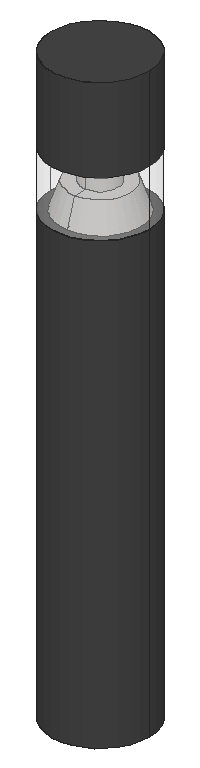
Revit family "FN1", category Lighting Fixtures, host Face, Revit 2021
Family settings
  Host = Face
  Round Connector Dimension = Use Diameter
  Part Type = Normal
  OmniClass Number = 23.80.70.14.14
  OmniClass Title = Exterior Floodlights
  Cut with Voids When Loaded = No
  Light Source = Yes
  Shared = Yes
  Room Calculation Point = No
Parameters (values of type "FN2")
  Width 1 = 5.000"
  Width = 11.630"
  Watts = 25 W
  Wattage Comments = "25W"
  Wattage = 25 W
  Warranty = "5 years Warranty"  # constant formula
  built-in parameter 1150110 = 1 (stored number, unit not read)
  Voltage = 120 V
  URL = "https://www.currentlighting.com/securitylighting"
  built-in parameter 1114217 = 1 (stored number, unit not read)
  Tilt Angle = 60.00°
  built-in parameter 1150109 = 1 (stored number, unit not read)
  built-in parameter 1150134 = 3
  built-in parameter 1150113 = 1 (stored number, unit not read)
  Source = Steel_Galvanized
  Reflector Finish = White Glass
  Product Page URL = ""
  Product Doucmentation Link = ""
  Power Factor = 1
  Photometric Web File = "FN2-12LU-4K-XX.ies"
  Model = "FN2"
  Manufacturer = "Securitylighting"  # constant formula
  built-in parameter 1150105 = 295.51 (stored number, unit not read)
  Lumens = 3713.55 lm
  built-in parameter 1150115 = 1 (stored number, unit not read)
  Load Classification = Lighting
  built-in parameter 1150137 = (empty or 0)
  built-in parameter 1150139 = (empty or 0)
  Length = 48.000"
  built-in parameter 1150112 = 1 (stored number, unit not read)
  built-in parameter 1150114 = 1 (stored number, unit not read)
  Lamp = "LED"  # constant formula
  built-in parameter 1150132 = (empty or 0)
  built-in parameter 1150102 = (empty or 0)
  built-in parameter 1150107 = 3200 (stored number, unit not read)
  built-in parameter 1150138 = (empty or 0)
  built-in parameter 1150106 = 2.9551 (stored number, unit not read)
  Housing Material = Paint - Carbon Black
  Features = "30w and 46w energy-efficient LED systems\r\nExtruded aluminum square or round housing, with tamper resistant hardware. Flat top, or optional dome top for round FN2. Single screw access for top relamping.\r\nSealed one-piece, clear acrylic lens\r\nSpecular, anodized aluminum optical systems"  # constant formula
  FN2 = yes
  FN1 = no
  built-in parameter 1150104 = 13.8 (stored number, unit not read)
  Dimming Lamp Color Temperature Shift = <None>
  Description = "Fresno Bollards"  # constant formula
  Default Elevation = 48.000"
  Copyright = "Securitylighting"  # constant formula
  Contact = ""
  Connector Description = "Lighting Connector"  # constant formula
  Color Filter = 16777215
  built-in parameter 1114216 [instance] = (empty or 0)
  Certifications = "UL,CSA,Wet Listed"  # constant formula
  built-in parameter 1114218 = 1 (stored number, unit not read)
  built-in parameter 1150133 = 10 (stored number, unit not read)
  Assembly Code = "D5020200"
  Apparent Load = Watts / Power Factor  # 25 VA
Types (2): name | Photometric Web File | Model | FN2 | FN1
  FN2 | "FN2-12LU-4K-XX.ies" | "FN2" | yes | no
  FN1 | "FN1-12LU-3K-XX (1).ies" | "FN1" | no | yes
Reference planes (in)
  plane 1 "Center (Front/Back)": y = 0
  plane 2: z = 0
  plane 3 "Center (Left/Right)": x = 0
  plane 4: z = 9.34
  plane 5: x = 3.375
  plane 6: x = -3.375
  plane 7: y = -3.375
  plane 8: y = 3.375
Forms (in)
  Extrusion 1, solid, material "Paint - Carbon Black" <- "Housing Material", not visible
    sketch origin (5.5, 0, 0) x (1, 0, 0) y (0, 0, -1)
      loop
        line (-22.47056, -3.79487) -> (-22.47056, 0) -> (-23.47056, 0) -> (-23.47056, -3.79487) -> (-22.47056, -3.79487)
    from 2.03263 to 2.15664
  Extrusion 2, solid, material "Paint - Carbon Black" <- "Housing Material", not visible
    sketch origin (5.5, 0, 0) x (0, -1, 0) y (0, 0, -1)
      loop
        line (2.03263, -0.0089) -> (2.03263, -0.1089) -> (6.53263, -0.1089) -> (6.53263, -0.0089) -> (2.03263, -0.0089)
    from 16.97056 to 17.97056
  Extrusion 3, solid, not visible
    sketch origin (-17, 0, 0) x (0, 1, 0) y (0, 0, 1)
      loop
        line (-2.03263, 3.74239) -> (-2.13263, 3.74239) -> (-2.13263, 0.2678)
        arc (-2.13263, 0.2678) -> (-2.18177, 0.14915) -> (-2.30043, 0.1) r 0.1678
        line (-2.30043, 0.1) -> (-6.03263, 0.1) -> (-6.03263, 0) -> (-2.17041, 0)
        arc (-2.17041, 0) -> (-2.07298, 0.04035) -> (-2.03263, 0.13778) r 0.13778
        line (-2.03263, 0.13778) -> (-2.03263, 3.74239)
    from 16.91201 to 18
  Extrusion 4, solid, material "Paint - Carbon Black" <- "Housing Material", visible <- "FN1"
    sketch origin (0, 0, 0) x (1, 0, 0) y (0, 1, 0)
      loop
        line (-3.375, 3.375) -> (-3.375, -3.38574) -> (3.375, -3.38574) -> (3.375, 3.375) -> (-3.375, 3.375)
    from 0 to 32
  Extrusion 5, solid, material "White Glass" <- "Reflector Finish", visible <- "FN1"
    sketch origin (0, 0, 0) x (1, 0, 0) y (0, 1, 0)
      loop
        line (3.375, 3.375) -> (-3.375, 3.375) -> (-3.375, -3.38574) -> (3.375, -3.38574) -> (3.375, 3.375)
    from 32 to 36
  Extrusion 6, solid, material "Paint - Carbon Black" <- "Housing Material", visible <- "FN1"
    sketch origin (0, 0, 0) x (1, 0, 0) y (0, 1, 0)
      loop
        line (-3.375, 3.375) -> (-3.375, -3.38574) -> (3.375, -3.38574) -> (3.375, 3.375) -> (-3.375, 3.375)
    from 36 to 42
  Revolve 7, solid, material "Steel_Galvanized" <- "Source", visible <- "FN2"
    sketch origin (0, 0, 0) x (0, 1, 0) y (0, 0, 1)
      loop
        line (-0.00537, 35.93999) -> (-0.00537, 32) -> (2.88138, 32) -> (2.19734, 33.87939) -> (1.25984, 33.87939) -> (1.25984, 35.93999) -> (-0.00537, 35.93999)
      axis (-0.00537, 35.93999) -> (-0.00537, 32)
    angle from 0 to 360
  Extrusion 8, solid, material "Paint - Carbon Black" <- "Housing Material", visible <- "FN2"
    sketch origin (0, 0, 0) x (1, 0, 0) y (0, 1, 0)
      loop
        circle (0, 0) r 3.5
    from 0 to 32
  Extrusion 9, solid, material "Paint - Carbon Black" <- "Housing Material", visible <- "FN2"
    sketch origin (0, 0, 0) x (1, 0, 0) y (0, 1, 0)
      loop
        circle (0, 0) r 3.5
    from 36 to 42
  Extrusion 10, solid, material "White Glass" <- "Reflector Finish", visible <- "FN2"
    sketch origin (0, 0, 0) x (1, 0, 0) y (0, 1, 0)
      loop
        circle (0, 0) r 3.5
    from 36 to 42
  Extrusion 11, solid, material "White Glass" <- "Reflector Finish", visible <- "FN2"
    sketch origin (0, 0, 0) x (1, 0, 0) y (0, 1, 0)
      loop
        circle (0, 0) r 3.5
    from 32 to 36
  Extrusion 12, solid, material "Steel_Galvanized" <- "Source", visible <- "FN1"
    sketch origin (0, 0, 0) x (1, 0, 0) y (0, 1, 0)
      loop
        line (-2.2324, 2.37721) -> (-2.2324, -2.42059) -> (2.2027, -2.42059) -> (2.2027, 2.37721) -> (-2.2324, 2.37721)
    from 32 to 36
Dimensions and locks (in)
  plane 4 to plane 2 = 9.340"  (x2)
  aligned and locked: plane 2 to host face
  aligned and locked: level to host face
Connectors (in)
  electrical at (0, 0, 0)
    settings: on Extrusion 8, index 1, voltage 120 V, apparent load 41 VA, apparent load phase1 0 VA, apparent load phase2 0 VA, apparent load phase3 0 VA, power factor 1, load classification "Other", number of poles 1, system type 30, power factor state 1, is connector primary yes, connector utility no, sub classification motor no, connector description "Lighting Connector"
